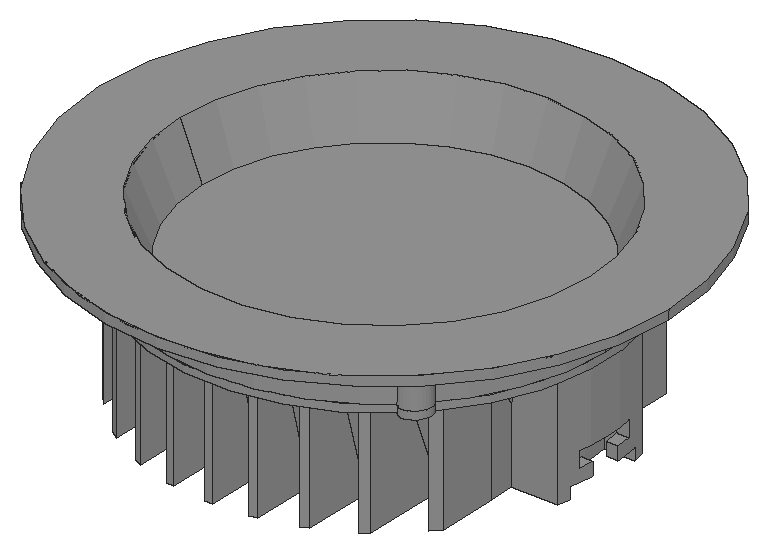
Revit family "Iiris 13W", category Lighting Fixtures, host Face, Revit 2019
Family settings
  Host = Face
  Round Connector Dimension = Use Diameter
  Part Type = Normal
  OmniClass Number = 23.80.70.11.11
  OmniClass Title = General Luminaries, Non Directional
  Cut with Voids When Loaded = No
  Light Source = Yes
  Shared = No
  Room Calculation Point = No
Parameters (values of type "Iiris 13W, Warm White, White, Dali, 230V - 34AV996L013XDA")
  Wattage Comments = "13W"
  Wattage = 13 W
  built-in parameter 1150110 = 1 (stored number, unit not read)
  Voltage = 230 V
  URL = "www.winled.fi"
  Type Image = Iiris 13W.png
  built-in parameter 1114217 = 1 (stored number, unit not read)
  Tilt Angle = -90.00°
  built-in parameter 1150109 = 1 (stored number, unit not read)
  built-in parameter 1150134 = (empty or 0)
  built-in parameter 1150113 = 1 (stored number, unit not read)
  Product Number = "34AV996L013X10DA"
  Position Number = ""
  Photometric Web File = "Iiris 13W LV.ies"
  Operating Temperature Range = "-20° to +40°C"
  Model = "Iiris 13W"
  Manufacturer = "Winled Oy Ltd"
  built-in parameter 1150105 = 405.69 (stored number, unit not read)
  Lumens = 888.03 lm
  built-in parameter 1150115 = 1 (stored number, unit not read)
  Lumens Output = "888lm"
  built-in parameter 1150137 = (empty or 0)
  built-in parameter 1150139 = (empty or 0)
  Lifetime L70 = "40000h"
  Last Updated = "25.2.2016"
  built-in parameter 1150112 = 1 (stored number, unit not read)
  built-in parameter 1150114 = 1 (stored number, unit not read)
  Lamp = "LED"
  built-in parameter 1150132 = (empty or 0)
  built-in parameter 1150102 = (empty or 0)
  built-in parameter 1150107 = 3000 (stored number, unit not read)
  built-in parameter 1150138 = (empty or 0)
  built-in parameter 1150106 = 4.0569 (stored number, unit not read)
  IP Code = "IP44"
  Housing Material = "Aluminium"
  built-in parameter 1150104 = 6.3462 (stored number, unit not read)
  Driver = "Separate"
  Directivity = "No"
  Dimming Lamp Color Temperature Shift = <None>
  Dimmable = "Yes"
  Dimensions = "145mm x 45mm"
  Description = "Downlight"
  Depth = "60mm"
  Default Elevation = 1219.2 mm
  Cutout = "130mm"
  Color Temperature = "3000K"
  Color Filter = 16777215
  Color = White Metal
  Casing Color = "White"
  CRI = "85"
  Beam Angle = "90°"
  built-in parameter 1114218 = 1 (stored number, unit not read)
  built-in parameter 1150133 = 10 (stored number, unit not read)
Types (25, lengths in mm): name | Voltage | built-in parameter 1150134 | Product Number | Photometric Web File | built-in parameter 1150105 | Lumens | Lumens Output | built-in parameter 1150107 | built-in parameter 1150106 | built-in parameter 1150104 | Color Temperature | Color | Casing Color
  (no name) | 230 V | (empty or 0) | "34AV996L013X10DA" | "Iiris 13W LV.ies" | 405.69 (stored number, unit not read) | 888.03 lm | "888lm" | 3000 (stored number, unit not read) | 4.0569 (stored number, unit not read) | 6.3462 (stored number, unit not read) | "3000K" | White Metal | "White"
  Iiris 13W, Neutral White, Brushed Aluminium, 110V - 34XAV998N013X | 110 V | 12 | "34XAV998N013X" | "Iiris 13W NV.ies" | 73.212 (stored number, unit not read) | 920.01 lm | "920lm" | 4000 (stored number, unit not read) | 0.73212 (stored number, unit not read) | 6.5747 (stored number, unit not read) | "4000K" | Brushed Aluminium | "Brushed Aluminium"
  Iiris 13W, Neutral White, Brushed Aluminium, Dali, 110V - 34XAV998N013XDA | 110 V | 12 | "34XAV998N013XDA" | "Iiris 13W NV.ies" | 73.212 (stored number, unit not read) | 920.01 lm | "920lm" | 4000 (stored number, unit not read) | 0.73212 (stored number, unit not read) | 6.5747 (stored number, unit not read) | "4000K" | Brushed Aluminium | "Brushed Aluminium"
  Iiris 13W, Neutral White, Brushed Aluminium, 0-10V, 110V - 34XAV998N013X10 | 110 V | 12 | "34XAV998N013X10" | "Iiris 13W NV.ies" | 73.212 (stored number, unit not read) | 920.01 lm | "920lm" | 4000 (stored number, unit not read) | 0.73212 (stored number, unit not read) | 6.5747 (stored number, unit not read) | "4000K" | Brushed Aluminium | "Brushed Aluminium"
  Iiris 13W, Neutral White, White, 110V - 34XAV996N013X | 110 V | 12 | "34XAV996N013X" | "Iiris 13W NV.ies" | 73.212 (stored number, unit not read) | 920.01 lm | "920lm" | 4000 (stored number, unit not read) | 0.73212 (stored number, unit not read) | 6.5747 (stored number, unit not read) | "4000K" | White Metal | "White"
  Iiris 13W, Neutral White, White, Dali, 110V - 34XAV996N013XDA | 110 V | 12 | "34XAV996N013XDA" | "Iiris 13W NV.ies" | 73.212 (stored number, unit not read) | 920.01 lm | "920lm" | 4000 (stored number, unit not read) | 0.73212 (stored number, unit not read) | 6.5747 (stored number, unit not read) | "4000K" | White Metal | "White"
  Iiris 13W, Neutral White, White, 0-10V, 110V - 34XAV996N013X10 | 110 V | 12 | "34XAV996N013X10" | "Iiris 13W NV.ies" | 73.212 (stored number, unit not read) | 920.01 lm | "920lm" | 4000 (stored number, unit not read) | 0.73212 (stored number, unit not read) | 6.5747 (stored number, unit not read) | "4000K" | White Metal | "White"
  Iiris 13W, Warm White, White, 110V - 34XAV996L013X | 110 V | (empty or 0) | "34XAV996L013X" | "Iiris 13W LV.ies" | 405.69 (stored number, unit not read) | 888.03 lm | "888lm" | 3000 (stored number, unit not read) | 4.0569 (stored number, unit not read) | 6.3462 (stored number, unit not read) | "3000K" | White Metal | "White"
  Iiris 13W, Warm White, White, Dali, 110V - 34XAV996L013XDA | 110 V | (empty or 0) | "34XAV996L013X10DA" | "Iiris 13W LV.ies" | 405.69 (stored number, unit not read) | 888.03 lm | "888lm" | 3000 (stored number, unit not read) | 4.0569 (stored number, unit not read) | 6.3462 (stored number, unit not read) | "3000K" | White Metal | "White"
  Iiris 13W, Warm White, White, 0-10V, 110V - 34XAV996L013X10 | 110 V | (empty or 0) | "34XAV996L013X10" | "Iiris 13W LV.ies" | 405.69 (stored number, unit not read) | 888.03 lm | "888lm" | 3000 (stored number, unit not read) | 4.0569 (stored number, unit not read) | 6.3462 (stored number, unit not read) | "3000K" | White Metal | "White"
  Iiris 13W, Warm White, Brushed Aluminium, 110V - 34XAV998L013X | 110 V | (empty or 0) | "34XAV998L013X" | "Iiris 13W LV.ies" | 405.69 (stored number, unit not read) | 888.03 lm | "888lm" | 3000 (stored number, unit not read) | 4.0569 (stored number, unit not read) | 6.3462 (stored number, unit not read) | "3000K" | Brushed Aluminium | "White"
  Iiris 13W, Warm White, Brushed Aluminium, Dali, 110V - 34XAV998L013XDA | 110 V | (empty or 0) | "34XAV998L013XDA" | "Iiris 13W LV.ies" | 405.69 (stored number, unit not read) | 888.03 lm | "888lm" | 3000 (stored number, unit not read) | 4.0569 (stored number, unit not read) | 6.3462 (stored number, unit not read) | "3000K" | Brushed Aluminium | "White"
  Iiris 13W, Warm White, Brushed Aluminium, 0-10V, 110V - 34XAV998L013X10 | 110 V | (empty or 0) | "34XAV998L013X10" | "Iiris 13W LV.ies" | 405.69 (stored number, unit not read) | 888.03 lm | "888lm" | 3000 (stored number, unit not read) | 4.0569 (stored number, unit not read) | 6.3462 (stored number, unit not read) | "3000K" | Brushed Aluminium | "White"
  Iiris 13W, Neutral White, Brushed Aluminium, 0-10V, 230V - 34AV998N013X10 | 230 V | 12 | "34AV998N013X10" | "Iiris 13W NV.ies" | 73.212 (stored number, unit not read) | 920.01 lm | "920lm" | 4000 (stored number, unit not read) | 0.73212 (stored number, unit not read) | 6.5747 (stored number, unit not read) | "4000K" | Brushed Aluminium | "Brushed Aluminium"
  Iiris 13W, Neutral White, Brushed Aluminium, 230V - 34AV998N013X | 230 V | 12 | "34AV998N013X" | "Iiris 13W NV.ies" | 73.212 (stored number, unit not read) | 920.01 lm | "920lm" | 4000 (stored number, unit not read) | 0.73212 (stored number, unit not read) | 6.5747 (stored number, unit not read) | "4000K" | Brushed Aluminium | "Brushed Aluminium"
  Iiris 13W, Neutral White, Brushed Aluminium, Dali, 230V - 34AV998N013XDA | 230 V | 12 | "34AV998N013XDA" | "Iiris 13W NV.ies" | 73.212 (stored number, unit not read) | 920.01 lm | "920lm" | 4000 (stored number, unit not read) | 0.73212 (stored number, unit not read) | 6.5747 (stored number, unit not read) | "4000K" | Brushed Aluminium | "Brushed Aluminium"
  Iiris 13W, Neutral White, White, 0-10V, 230V - 34AV996N013X10 | 230 V | 12 | "34AV996N013X10" | "Iiris 13W NV.ies" | 73.212 (stored number, unit not read) | 920.01 lm | "920lm" | 4000 (stored number, unit not read) | 0.73212 (stored number, unit not read) | 6.5747 (stored number, unit not read) | "4000K" | White Metal | "White"
  Iiris 13W, Neutral White, White, 230V - 34AV996N013X | 230 V | 12 | "34AV996N013X" | "Iiris 13W NV.ies" | 73.212 (stored number, unit not read) | 920.01 lm | "920lm" | 4000 (stored number, unit not read) | 0.73212 (stored number, unit not read) | 6.5747 (stored number, unit not read) | "4000K" | White Metal | "White"
  Iiris 13W, Neutral White, White, Dali, 230V - 34AV996N013XDA | 230 V | 12 | "34AV996N013XDA" | "Iiris 13W NV.ies" | 73.212 (stored number, unit not read) | 920.01 lm | "920lm" | 4000 (stored number, unit not read) | 0.73212 (stored number, unit not read) | 6.5747 (stored number, unit not read) | "4000K" | White Metal | "White"
  Iiris 13W, Warm White, Brushed Aluminium, 0-10V, 230V - 34AV998L013X10 | 230 V | (empty or 0) | "34AV998L013X10" | "Iiris 13W LV.ies" | 405.69 (stored number, unit not read) | 888.03 lm | "888lm" | 3000 (stored number, unit not read) | 4.0569 (stored number, unit not read) | 6.3462 (stored number, unit not read) | "3000K" | Brushed Aluminium | "White"
  Iiris 13W, Warm White, Brushed Aluminium, 230V - 34AV998L013X | 230 V | (empty or 0) | "34AV998L013X" | "Iiris 13W LV.ies" | 405.69 (stored number, unit not read) | 888.03 lm | "888lm" | 3000 (stored number, unit not read) | 4.0569 (stored number, unit not read) | 6.3462 (stored number, unit not read) | "3000K" | Brushed Aluminium | "White"
  Iiris 13W, Warm White, Brushed Aluminium, Dali, 230V - 34AV998L013XDA | 230 V | (empty or 0) | "34AV998L013XDA" | "Iiris 13W LV.ies" | 405.69 (stored number, unit not read) | 888.03 lm | "888lm" | 3000 (stored number, unit not read) | 4.0569 (stored number, unit not read) | 6.3462 (stored number, unit not read) | "3000K" | Brushed Aluminium | "White"
  Iiris 13W, Warm White, White, 0-10V, 230V - 34AV996L013X10 | 230 V | (empty or 0) | "34AV996L013X10" | "Iiris 13W LV.ies" | 405.69 (stored number, unit not read) | 888.03 lm | "888lm" | 3000 (stored number, unit not read) | 4.0569 (stored number, unit not read) | 6.3462 (stored number, unit not read) | "3000K" | White Metal | "White"
  Iiris 13W, Warm White, White, 230V - 34AV996L013X | 230 V | (empty or 0) | "34AV996L013X" | "Iiris 13W LV.ies" | 405.69 (stored number, unit not read) | 888.03 lm | "888lm" | 3000 (stored number, unit not read) | 4.0569 (stored number, unit not read) | 6.3462 (stored number, unit not read) | "3000K" | White Metal | "White"
  Iiris 13W, Warm White, White, Dali, 230V - 34AV996L013XDA | 230 V | (empty or 0) | "34AV996L013X10DA" | "Iiris 13W LV.ies" | 405.69 (stored number, unit not read) | 888.03 lm | "888lm" | 3000 (stored number, unit not read) | 4.0569 (stored number, unit not read) | 6.3462 (stored number, unit not read) | "3000K" | White Metal | "White"
Reference planes
  plane 1 "Center (Front/Back)": y = 0
  plane 2: z = 0
  plane 3 "Center (Left/Right)": x = 0
Forms (mm)
  Extrusion 1, void
    sketch origin (0, 0, 0) x (1, 0, 0) y (0, 1, 0)
      loop
        circle (0, 0) r 65
    from 0 to -60
Lines and regions (mm)
  symbolic lines
    curve 1: circle (0, 0, 0) r 72.5 normal (0, 0, 1)
    curve 2: line (-51.265, -51.265, 0) -> (51.265, 51.265, 0)
    curve 3: line (-51.265, 51.265, 0) -> (51.265, -51.265, 0)
Dimensions and locks
  aligned and locked: plane 2 to host face
  aligned and locked: level to host face
Nested families
  nested 1: "Iiris 13W malli" at (0, 0, 0), Color <- "Color", type "Iiris 13W malli"
    with Color White Metal
Connectors
  electrical at (0, 0, -42.6), driven by "Voltage"
    settings: on nested 1, index 1, voltage 230 V, apparent load 0 VA, apparent load phase1 13 VA, apparent load phase2 0 VA, apparent load phase3 0 VA, power factor 1, load classification "Lighting", number of poles 1, system type 31, power factor state 1, is connector primary yes, connector utility no, sub classification motor no, connector description ""
Definition of nested family "Iiris 13W malli"
  Parameters (values of type "Iiris 13W malli")
    Color [instance] = none
  Reference planes
    plane 1 "Center (Front/Back)": y = 0
    plane 2: z = 0
    plane 3 "Center (Left/Right)": x = 0
  Forms (mm)
    Extrusion 1, solid, material <- "Color"
      sketch origin (0, 0, 0) x (1, 0, 0) y (0, 1, 0)
        loop
          circle (0, 0) r 72.5
      from 0 to 2.4
    Extrusion 2, solid, material <- "Color"
      sketch origin (0, 0, 0) x (1, 0, 0) y (0, 1, 0)
        loop
          circle (0, 0) r 56.5
      from 0 to -13
    Extrusion 3, void
      sketch origin (0, 0, 0) x (1, 0, 0) y (0, 1, 0)
        loop
          circle (0, 0) r 50
      from -11 to -13
    Extrusion 4, solid
      sketch origin (0, 0, 0) x (1, 0, 0) y (0, 1, 0)
        loop
          circle (0, 0) r 50
      from -11 to -13
    Blend 5, void
      base sketch origin (0, 0, 0) x (1, 0, 0) y (0, 1, 0)
        loop
          circle (0, 0) r 46.5
      top sketch origin (0, 0, 0) x (1, 0, 0) y (0, 1, 0)
        loop
          circle (0, 0) r 52
      from -11 to 2.4
    Blend 6, solid, material <- "Color"
      base sketch origin (0, 0, 0) x (1, 0, 0) y (0, 1, 0)
        loop
          circle (0, 0) r 41.25
      top sketch origin (0, 0, 0) x (1, 0, 0) y (0, 1, 0)
        loop
          circle (0, 0) r 47.7
      from -39.2 to -13
    Extrusion 7, solid, material <- "Color"
      sketch origin (0, 0, 0) x (1, 0, 0) y (0, 1, 0)
        loop
          spline (-37.174, 42.548) -> (-37.838, 43.029) -> (-38.64, 43.294) -> (-39.525, 43.325) -> (-40.433, 43.12) -> (-41.302, 42.693) -> (-42.073, 42.073) -> (-42.693, 41.302) -> (-43.12, 40.433) -> (-43.325, 39.525) -> (-43.294, 38.64) -> (-43.029, 37.838) -> (-42.548, 37.174)
          arc (-42.548, 37.174) -> (-56.5, 0) -> (-42.548, -37.174) r 56.5
          spline (-42.548, -37.174) -> (-43.029, -37.838) -> (-43.294, -38.64) -> (-43.325, -39.525) -> (-43.12, -40.433) -> (-42.693, -41.302) -> (-42.073, -42.073) -> (-41.302, -42.693) -> (-40.433, -43.12) -> (-39.525, -43.325) -> (-38.64, -43.294) -> (-37.838, -43.029) -> (-37.174, -42.548)
          arc (-37.174, -42.548) -> (0, -56.5) -> (37.174, -42.548) r 56.5
          spline (37.174, -42.548) -> (37.838, -43.029) -> (38.64, -43.294) -> (39.525, -43.325) -> (40.433, -43.12) -> (41.302, -42.693) -> (42.073, -42.073) -> (42.693, -41.302) -> (43.12, -40.433) -> (43.325, -39.525) -> (43.294, -38.64) -> (43.029, -37.838) -> (42.548, -37.174)
          arc (42.548, -37.174) -> (56.5, 0) -> (42.548, 37.174) r 56.5
          spline (42.548, 37.174) -> (43.029, 37.838) -> (43.294, 38.64) -> (43.325, 39.525) -> (43.12, 40.433) -> (42.693, 41.302) -> (42.073, 42.073) -> (41.302, 42.693) -> (40.433, 43.12) -> (39.525, 43.325) -> (38.64, 43.294) -> (37.838, 43.029) -> (37.174, 42.548)
          arc (37.174, 42.548) -> (0, 56.5) -> (-37.174, 42.548) r 56.5
      from -15 to -13
    Blend 8, void
      base sketch origin (0, 0, 0) x (1, 0, 0) y (0, 1, 0)
        loop
          circle (0, 0) r 41
      top sketch origin (0, 0, 0) x (1, 0, 0) y (0, 1, 0)
        loop
          circle (0, 0) r 47
      from -34 to -13
    Extrusion 9, solid, material <- "Color"
      sketch origin (0, 0, 0) x (0.707107, -0.707107, 0) y (0.707107, 0.707107, 0)
        loop
          spline (3.8, 56.372) -> (3.671, 57.182) -> (3.291, 57.936) -> (2.687, 58.584) -> (1.9, 59.081) -> (0.984, 59.393) -> (0, 59.5) -> (-0.984, 59.393) -> (-1.9, 59.081) -> (-2.687, 58.584) -> (-3.291, 57.936) -> (-3.671, 57.182) -> (-3.8, 56.372)
          arc (-3.8, 56.372) -> (0, 56.5) -> (3.8, 56.372) r 56.5
      from 0 to -13
    Extrusion 10, solid, material <- "Color"
      sketch origin (0, 0, 0) x (0.707107, 0.707107, 0) y (-0.707107, 0.707107, 0)
        loop
          spline (3.8, 56.372) -> (3.671, 57.182) -> (3.291, 57.936) -> (2.687, 58.584) -> (1.9, 59.081) -> (0.984, 59.393) -> (0, 59.5) -> (-0.984, 59.393) -> (-1.9, 59.081) -> (-2.687, 58.584) -> (-3.291, 57.936) -> (-3.671, 57.182) -> (-3.8, 56.372)
          arc (-3.8, 56.372) -> (0, 56.5) -> (3.8, 56.372) r 56.5
      from 0 to -13
    Extrusion 11, solid, material <- "Color"
      sketch origin (0, 0, 0) x (-0.707107, 0.707107, 0) y (-0.707107, -0.707107, 0)
        loop
          spline (3.8, 56.372) -> (3.671, 57.182) -> (3.291, 57.936) -> (2.687, 58.584) -> (1.9, 59.081) -> (0.984, 59.393) -> (0, 59.5) -> (-0.984, 59.393) -> (-1.9, 59.081) -> (-2.687, 58.584) -> (-3.291, 57.936) -> (-3.671, 57.182) -> (-3.8, 56.372)
          arc (-3.8, 56.372) -> (0, 56.5) -> (3.8, 56.372) r 56.5
      from 0 to -13
    Extrusion 12, solid, material <- "Color"
      sketch origin (0, 0, 0) x (-0.707107, -0.707107, 0) y (0.707107, -0.707107, 0)
        loop
          spline (3.8, 56.372) -> (3.671, 57.182) -> (3.291, 57.936) -> (2.687, 58.584) -> (1.9, 59.081) -> (0.984, 59.393) -> (0, 59.5) -> (-0.984, 59.393) -> (-1.9, 59.081) -> (-2.687, 58.584) -> (-3.291, 57.936) -> (-3.671, 57.182) -> (-3.8, 56.372)
          arc (-3.8, 56.372) -> (0, 56.5) -> (3.8, 56.372) r 56.5
      from 0 to -13
    Extrusion 13, solid, material <- "Color", detail levels fine
      sketch origin (0, 0, 0) x (1, 0, 0) y (0, 1, 0)
        loop
          circle (0, 0) r 17.4
        loop
          line (-1, 56) -> (-1, 19.875)
          arc (-1, 19.875) -> (-5.439, 19.142) -> (-9.6, 17.431) r 19.9
          line (-9.6, 17.431) -> (-9.6, 55.171)
          arc (-9.6, 55.171) -> (-10.602, 54.987) -> (-11.6, 54.785) r 56
          line (-11.6, 54.785) -> (-11.6, 21.921)
          arc (-11.6, 21.921) -> (-15.967, 20.456) -> (-20.154, 18.537) r 43.4
          arc (-20.154, 18.537) -> (-20.188, 19.218) -> (-20.2, 19.9) r 20.2
          line (-20.2, 19.9) -> (-20.2, 52.23)
          arc (-20.2, 52.23) -> (-21.204, 51.83) -> (-22.2, 51.412) r 56
          line (-22.2, 51.412) -> (-22.2, 19.9)
          arc (-22.2, 19.9) -> (-22.167, 18.684) -> (-22.067, 17.471) r 22.2
          arc (-22.067, 17.471) -> (-26.042, 14.819) -> (-29.701, 11.745) r 43.4
          arc (-29.701, 11.745) -> (-30.524, 15.786) -> (-30.8, 19.9) r 30.8
          line (-30.8, 19.9) -> (-30.8, 46.769)
          arc (-30.8, 46.769) -> (-31.807, 46.09) -> (-32.8, 45.389) r 56
          line (-32.8, 45.389) -> (-32.8, 19.9)
          arc (-32.8, 19.9) -> (-32.427, 14.968) -> (-31.317, 10.147) r 32.8
          arc (-31.317, 10.147) -> (-34.588, 6.316) -> (-37.393, 2.131) r 43.4
          arc (-37.393, 2.131) -> (-40.386, 10.792) -> (-41.4, 19.9) r 41.4
          line (-41.4, 19.9) -> (-41.4, 37.71)
          arc (-41.4, 37.71) -> (-42.416, 36.564) -> (-43.4, 35.39) r 56
          line (-43.4, 35.39) -> (-43.4, 19.9)
          arc (-43.4, 19.9) -> (-43.274, 16.59) -> (-42.895, 13.3) r 43.4
          line (-42.895, 13.3) -> (-54.912, 13.3)
          arc (-54.912, 13.3) -> (-56.5, 0) -> (-54.912, -13.3) r 56.5
          line (-54.912, -13.3) -> (-42.895, -13.3)
          arc (-42.895, -13.3) -> (-43.274, -16.59) -> (-43.4, -19.9) r 43.4
          line (-43.4, -19.9) -> (-43.4, -35.39)
          arc (-43.4, -35.39) -> (-42.416, -36.564) -> (-41.4, -37.71) r 56
          line (-41.4, -37.71) -> (-41.4, -19.9)
          arc (-41.4, -19.9) -> (-40.386, -10.792) -> (-37.393, -2.131) r 41.4
          arc (-37.393, -2.131) -> (-34.588, -6.316) -> (-31.317, -10.147) r 43.4
          arc (-31.317, -10.147) -> (-32.427, -14.968) -> (-32.8, -19.9) r 32.8
          line (-32.8, -19.9) -> (-32.8, -45.389)
          arc (-32.8, -45.389) -> (-31.807, -46.09) -> (-30.8, -46.769) r 56
          line (-30.8, -46.769) -> (-30.8, -19.9)
          arc (-30.8, -19.9) -> (-30.524, -15.786) -> (-29.701, -11.745) r 30.8
          arc (-29.701, -11.745) -> (-26.042, -14.819) -> (-22.067, -17.471) r 43.4
          arc (-22.067, -17.471) -> (-22.167, -18.684) -> (-22.2, -19.9) r 22.2
          line (-22.2, -19.9) -> (-22.2, -51.412)
          arc (-22.2, -51.412) -> (-21.204, -51.83) -> (-20.2, -52.23) r 56
          line (-20.2, -52.23) -> (-20.2, -19.9)
          arc (-20.2, -19.9) -> (-20.188, -19.218) -> (-20.154, -18.537) r 20.2
          arc (-20.154, -18.537) -> (-15.967, -20.456) -> (-11.6, -21.921) r 43.4
          line (-11.6, -21.921) -> (-11.6, -54.785)
          arc (-11.6, -54.785) -> (-10.602, -54.987) -> (-9.6, -55.171) r 56
          line (-9.6, -55.171) -> (-9.6, -17.431)
          arc (-9.6, -17.431) -> (-5.439, -19.142) -> (-1, -19.875) r 19.9
          line (-1, -19.875) -> (-1, -56) -> (1, -56) -> (1, -19.875)
          arc (1, -19.875) -> (5.439, -19.142) -> (9.6, -17.431) r 19.9
          line (9.6, -17.431) -> (9.6, -55.171)
          arc (9.6, -55.171) -> (10.602, -54.987) -> (11.6, -54.785) r 56
          line (11.6, -54.785) -> (11.6, -21.921)
          arc (11.6, -21.921) -> (15.967, -20.456) -> (20.154, -18.537) r 43.4
          arc (20.154, -18.537) -> (20.188, -19.218) -> (20.2, -19.9) r 20.2
          line (20.2, -19.9) -> (20.2, -52.23)
          arc (20.2, -52.23) -> (21.204, -51.83) -> (22.2, -51.412) r 56
          line (22.2, -51.412) -> (22.2, -19.9)
          arc (22.2, -19.9) -> (22.167, -18.684) -> (22.067, -17.471) r 22.2
          arc (22.067, -17.471) -> (26.042, -14.819) -> (29.701, -11.745) r 43.4
          arc (29.701, -11.745) -> (30.524, -15.786) -> (30.8, -19.9) r 30.8
          line (30.8, -19.9) -> (30.8, -46.769)
          arc (30.8, -46.769) -> (31.807, -46.09) -> (32.8, -45.389) r 56
          line (32.8, -45.389) -> (32.8, -19.9)
          arc (32.8, -19.9) -> (32.427, -14.968) -> (31.317, -10.147) r 32.8
          arc (31.317, -10.147) -> (34.588, -6.316) -> (37.393, -2.131) r 43.4
          arc (37.393, -2.131) -> (40.386, -10.792) -> (41.4, -19.9) r 41.4
          line (41.4, -19.9) -> (41.4, -37.71)
          arc (41.4, -37.71) -> (42.416, -36.564) -> (43.4, -35.39) r 56
          line (43.4, -35.39) -> (43.4, -19.9)
          arc (43.4, -19.9) -> (43.274, -16.59) -> (42.895, -13.3) r 43.4
          line (42.895, -13.3) -> (54.912, -13.3)
          arc (54.912, -13.3) -> (56.5, 0) -> (54.912, 13.3) r 56.5
          line (54.912, 13.3) -> (42.895, 13.3)
          arc (42.895, 13.3) -> (43.274, 16.59) -> (43.4, 19.9) r 43.4
          line (43.4, 19.9) -> (43.4, 35.39)
          arc (43.4, 35.39) -> (42.416, 36.564) -> (41.4, 37.71) r 56
          line (41.4, 37.71) -> (41.4, 19.9)
          arc (41.4, 19.9) -> (40.386, 10.792) -> (37.393, 2.131) r 41.4
          arc (37.393, 2.131) -> (34.588, 6.316) -> (31.317, 10.147) r 43.4
          arc (31.317, 10.147) -> (32.427, 14.968) -> (32.8, 19.9) r 32.8
          line (32.8, 19.9) -> (32.8, 45.389)
          arc (32.8, 45.389) -> (31.807, 46.09) -> (30.8, 46.769) r 56
          line (30.8, 46.769) -> (30.8, 19.9)
          arc (30.8, 19.9) -> (30.524, 15.786) -> (29.701, 11.745) r 30.8
          arc (29.701, 11.745) -> (26.042, 14.819) -> (22.067, 17.471) r 43.4
          arc (22.067, 17.471) -> (22.167, 18.684) -> (22.2, 19.9) r 22.2
          line (22.2, 19.9) -> (22.2, 51.412)
          arc (22.2, 51.412) -> (21.204, 51.83) -> (20.2, 52.23) r 56
          line (20.2, 52.23) -> (20.2, 19.9)
          arc (20.2, 19.9) -> (20.188, 19.218) -> (20.154, 18.537) r 20.2
          arc (20.154, 18.537) -> (15.967, 20.456) -> (11.6, 21.921) r 43.4
          line (11.6, 21.921) -> (11.6, 54.785)
          arc (11.6, 54.785) -> (10.602, 54.987) -> (9.6, 55.171) r 56
          line (9.6, 55.171) -> (9.6, 17.431)
          arc (9.6, 17.431) -> (5.439, 19.142) -> (1, 19.875) r 19.9
          line (1, 19.875) -> (1, 56) -> (-1, 56)
        loop
          arc (-19.896, -16.406) -> (-15.841, -18.349) -> (-11.6, -19.842) r 41.4
          line (-11.6, -19.842) -> (-11.6, -16.169)
          arc (-11.6, -16.169) -> (-14.865, -13.231) -> (-17.405, -9.648) r 19.9
          arc (-17.405, -9.648) -> (-18.954, -12.915) -> (-19.896, -16.406) r 20.2
        loop
          arc (-21.727, -15.341) -> (-20.408, -11.162) -> (-18.294, -7.324) r 22.2
          arc (-18.294, -7.324) -> (-21.723, -4.675) -> (-24.772, -1.598) r 32.8
          arc (-24.772, -1.598) -> (-27.199, -5.448) -> (-29.032, -9.615) r 30.8
          arc (-29.032, -9.615) -> (-25.54, -12.683) -> (-21.727, -15.341) r 41.4
        loop
          arc (-23.508, 0) -> (-21.597, -2.059) -> (-19.507, -3.935) r 30.8
          arc (-19.507, -3.935) -> (-19.9, 0) -> (-19.507, 3.935) r 19.9
          arc (-19.507, 3.935) -> (-21.597, 2.059) -> (-23.508, 0) r 30.8
        loop
          arc (-30.572, -8.017) -> (-28.605, -3.85) -> (-26.074, 0) r 32.8
          arc (-26.074, 0) -> (-28.605, 3.85) -> (-30.572, 8.017) r 32.8
          arc (-30.572, 8.017) -> (-33.677, 4.179) -> (-36.304, 0) r 41.4
          arc (-36.304, 0) -> (-33.677, -4.179) -> (-30.572, -8.017) r 41.4
        loop
          arc (-24.772, 1.598) -> (-21.723, 4.675) -> (-18.294, 7.324) r 32.8
          arc (-18.294, 7.324) -> (-20.408, 11.162) -> (-21.727, 15.341) r 22.2
          arc (-21.727, 15.341) -> (-25.54, 12.683) -> (-29.032, 9.615) r 41.4
          arc (-29.032, 9.615) -> (-27.199, 5.448) -> (-24.772, 1.598) r 30.8
        loop
          arc (-19.896, 16.406) -> (-18.954, 12.915) -> (-17.405, 9.648) r 20.2
          arc (-17.405, 9.648) -> (-14.865, 13.231) -> (-11.6, 16.169) r 19.9
          line (-11.6, 16.169) -> (-11.6, 19.842)
          arc (-11.6, 19.842) -> (-15.841, 18.349) -> (-19.896, 16.406) r 41.4
        loop
          arc (19.896, -16.406) -> (18.954, -12.915) -> (17.405, -9.648) r 20.2
          arc (17.405, -9.648) -> (14.865, -13.231) -> (11.6, -16.169) r 19.9
          line (11.6, -16.169) -> (11.6, -19.842)
          arc (11.6, -19.842) -> (15.841, -18.349) -> (19.896, -16.406) r 41.4
        loop
          arc (21.727, -15.341) -> (25.54, -12.683) -> (29.032, -9.615) r 41.4
          arc (29.032, -9.615) -> (27.199, -5.448) -> (24.772, -1.598) r 30.8
          arc (24.772, -1.598) -> (21.723, -4.675) -> (18.294, -7.324) r 32.8
          arc (18.294, -7.324) -> (20.408, -11.162) -> (21.727, -15.341) r 22.2
        loop
          arc (23.508, 0) -> (21.597, 2.059) -> (19.507, 3.935) r 30.8
          arc (19.507, 3.935) -> (19.9, 0) -> (19.507, -3.935) r 19.9
          arc (19.507, -3.935) -> (21.597, -2.059) -> (23.508, 0) r 30.8
        loop
          arc (30.572, -8.017) -> (33.677, -4.179) -> (36.304, 0) r 41.4
          arc (36.304, 0) -> (33.677, 4.179) -> (30.572, 8.017) r 41.4
          arc (30.572, 8.017) -> (28.605, 3.85) -> (26.074, 0) r 32.8
          arc (26.074, 0) -> (28.605, -3.85) -> (30.572, -8.017) r 32.8
        loop
          arc (24.772, 1.598) -> (27.199, 5.448) -> (29.032, 9.615) r 30.8
          arc (29.032, 9.615) -> (25.54, 12.683) -> (21.727, 15.341) r 41.4
          arc (21.727, 15.341) -> (20.408, 11.162) -> (18.294, 7.324) r 22.2
          arc (18.294, 7.324) -> (21.723, 4.675) -> (24.772, 1.598) r 32.8
        loop
          arc (19.896, 16.406) -> (15.841, 18.349) -> (11.6, 19.842) r 41.4
          line (11.6, 19.842) -> (11.6, 16.169)
          arc (11.6, 16.169) -> (14.865, 13.231) -> (17.405, 9.648) r 19.9
          arc (17.405, 9.648) -> (18.954, 12.915) -> (19.896, 16.406) r 20.2
        loop
          arc (-52.553, 10.3) -> (-53.553, 0) -> (-52.553, -10.3) r 53.553
          line (-52.553, -10.3) -> (-47.607, -10.3)
          arc (-47.607, -10.3) -> (-48.709, 0) -> (-47.607, 10.3) r 48.709
          line (-47.607, 10.3) -> (-52.553, 10.3)
        loop
          arc (-46.07, 10.3) -> (-47.208, 0) -> (-46.07, -10.3) r 47.208
          line (-46.07, -10.3) -> (-42.325, -10.3)
          arc (-42.325, -10.3) -> (-40.773, -5.031) -> (-38.569, 0) r 43.4
          arc (-38.569, 0) -> (-40.773, 5.031) -> (-42.325, 10.3) r 43.4
          line (-42.325, 10.3) -> (-46.07, 10.3)
        loop
          line (52.553, 10.3) -> (47.607, 10.3)
          arc (47.607, 10.3) -> (48.709, 0) -> (47.607, -10.3) r 48.709
          line (47.607, -10.3) -> (52.553, -10.3)
          arc (52.553, -10.3) -> (53.553, 0) -> (52.553, 10.3) r 53.553
        loop
          line (46.07, 10.3) -> (42.325, 10.3)
          arc (42.325, 10.3) -> (40.773, 5.031) -> (38.569, 0) r 43.4
          arc (38.569, 0) -> (40.773, -5.031) -> (42.325, -10.3) r 43.4
          line (42.325, -10.3) -> (46.07, -10.3)
          arc (46.07, -10.3) -> (47.208, 0) -> (46.07, 10.3) r 47.208
      from -15 to -42.6
    Extrusion 14, solid, material <- "Color", detail levels medium+fine
      sketch origin (0, 0, 0) x (1, 0, 0) y (0, 1, 0)
        loop
          arc (-4.3, 47.011) -> (-5.301, 46.909) -> (-6.3, 46.785) r 47.208
          line (-6.3, 46.785) -> (-6.3, 40.766)
          arc (-6.3, 40.766) -> (-5.302, 40.908) -> (-4.3, 41.025) r 41.25
          line (-4.3, 41.025) -> (-4.3, 47.011)
        loop
          line (-16.9, 44.079) -> (-16.9, 37.629)
          arc (-16.9, 37.629) -> (-15.905, 38.06) -> (-14.9, 38.465) r 41.25
          line (-14.9, 38.465) -> (-14.9, 44.795)
          arc (-14.9, 44.795) -> (-15.904, 44.448) -> (-16.9, 44.079) r 47.208
        loop
          arc (-25.5, 39.728) -> (-26.509, 39.062) -> (-27.5, 38.371) r 47.208
          line (-27.5, 38.371) -> (-27.5, 30.746)
          arc (-27.5, 30.746) -> (-26.513, 31.601) -> (-25.5, 32.424) r 41.25
          line (-25.5, 32.424) -> (-25.5, 39.728)
        loop
          arc (-36.1, 30.42) -> (-37.122, 29.164) -> (-38.1, 27.874) r 47.208
          line (-38.1, 27.874) -> (-38.1, 15.81)
          arc (-38.1, 15.81) -> (-37.158, 17.912) -> (-36.1, 19.959) r 41.25
          line (-36.1, 19.959) -> (-36.1, 30.42)
        loop
          line (4.3, 47.011) -> (4.3, 41.025)
          arc (4.3, 41.025) -> (5.302, 40.908) -> (6.3, 40.766) r 41.25
          line (6.3, 40.766) -> (6.3, 46.785)
          arc (6.3, 46.785) -> (5.301, 46.909) -> (4.3, 47.011) r 47.208
        loop
          arc (16.9, 44.079) -> (15.904, 44.448) -> (14.9, 44.795) r 47.208
          line (14.9, 44.795) -> (14.9, 38.465)
          arc (14.9, 38.465) -> (15.905, 38.06) -> (16.9, 37.629) r 41.25
          line (16.9, 37.629) -> (16.9, 44.079)
        loop
          line (25.5, 39.728) -> (25.5, 32.424)
          arc (25.5, 32.424) -> (26.513, 31.601) -> (27.5, 30.746) r 41.25
          line (27.5, 30.746) -> (27.5, 38.371)
          arc (27.5, 38.371) -> (26.509, 39.062) -> (25.5, 39.728) r 47.208
        loop
          line (36.1, 30.42) -> (36.1, 19.959)
          arc (36.1, 19.959) -> (37.158, 17.912) -> (38.1, 15.81) r 41.25
          line (38.1, 15.81) -> (38.1, 27.874)
          arc (38.1, 27.874) -> (37.122, 29.164) -> (36.1, 30.42) r 47.208
        loop
          line (-4.3, -47.011) -> (-4.3, -41.025)
          arc (-4.3, -41.025) -> (-5.302, -40.908) -> (-6.3, -40.766) r 41.25
          line (-6.3, -40.766) -> (-6.3, -46.785)
          arc (-6.3, -46.785) -> (-5.301, -46.909) -> (-4.3, -47.011) r 47.208
        loop
          arc (-16.9, -44.079) -> (-15.904, -44.448) -> (-14.9, -44.795) r 47.208
          line (-14.9, -44.795) -> (-14.9, -38.465)
          arc (-14.9, -38.465) -> (-15.905, -38.06) -> (-16.9, -37.629) r 41.25
          line (-16.9, -37.629) -> (-16.9, -44.079)
        loop
          line (-25.5, -39.728) -> (-25.5, -32.424)
          arc (-25.5, -32.424) -> (-26.513, -31.601) -> (-27.5, -30.746) r 41.25
          line (-27.5, -30.746) -> (-27.5, -38.371)
          arc (-27.5, -38.371) -> (-26.509, -39.062) -> (-25.5, -39.728) r 47.208
        loop
          line (-36.1, -30.42) -> (-36.1, -19.959)
          arc (-36.1, -19.959) -> (-37.158, -17.912) -> (-38.1, -15.81) r 41.25
          line (-38.1, -15.81) -> (-38.1, -27.874)
          arc (-38.1, -27.874) -> (-37.122, -29.164) -> (-36.1, -30.42) r 47.208
        loop
          arc (4.3, -47.011) -> (5.301, -46.909) -> (6.3, -46.785) r 47.208
          line (6.3, -46.785) -> (6.3, -40.766)
          arc (6.3, -40.766) -> (5.302, -40.908) -> (4.3, -41.025) r 41.25
          line (4.3, -41.025) -> (4.3, -47.011)
        loop
          line (16.9, -44.079) -> (16.9, -37.629)
          arc (16.9, -37.629) -> (15.905, -38.06) -> (14.9, -38.465) r 41.25
          line (14.9, -38.465) -> (14.9, -44.795)
          arc (14.9, -44.795) -> (15.904, -44.448) -> (16.9, -44.079) r 47.208
        loop
          arc (25.5, -39.728) -> (26.509, -39.062) -> (27.5, -38.371) r 47.208
          line (27.5, -38.371) -> (27.5, -30.746)
          arc (27.5, -30.746) -> (26.513, -31.601) -> (25.5, -32.424) r 41.25
          line (25.5, -32.424) -> (25.5, -39.728)
        loop
          arc (36.1, -30.42) -> (37.122, -29.164) -> (38.1, -27.874) r 47.208
          line (38.1, -27.874) -> (38.1, -15.81)
          arc (38.1, -15.81) -> (37.158, -17.912) -> (36.1, -19.959) r 41.25
          line (36.1, -19.959) -> (36.1, -30.42)
      from -15 to -39.2
    Extrusion 15, void
      sketch origin (0, 0, 0) x (1, 0, 0) y (0, 1, 0)
        loop
          circle (0, 0) r 38.25
      from -39.2 to -37.2
    Extrusion 16, void
      sketch origin (0, 0, 0) x (1, 0, 0) y (0, 1, 0)
        loop
          line (-52.553, -10.3) -> (-52.553, 10.3) -> (-57.553, 10.3) -> (-57.553, -10.3) -> (-52.553, -10.3)
        loop
          line (52.553, -10.3) -> (57.553, -10.3) -> (57.553, 10.3) -> (52.553, 10.3) -> (52.553, -10.3)
      from -39.6 to -42.6
    Extrusion 17, void
      sketch origin (0, 0, 0) x (0, 1, 0) y (0, 0, 1)
        loop
          line (-4, -39.6) -> (4, -39.6) -> (4, -36.2) -> (8, -36.2) -> (8, -32.2) -> (-8, -32.2) -> (-8, -36.2) -> (-4, -36.2) -> (-4, -39.6)
      from -52.394 to -59.005
    Extrusion 18, void
      sketch origin (0, 0, 0) x (0, 1, 0) y (0, 0, 1)
        loop
          line (4, -39.6) -> (4, -36.2) -> (8, -36.2) -> (8, -32.2) -> (-8, -32.2) -> (-8, -36.2) -> (-4, -36.2) -> (-4, -39.6) -> (4, -39.6)
      from 58.211 to 52.568
  Cuts and joins
    Blend 5 cuts Extrusion 1
    Extrusion 3, Blend 5 cuts Extrusion 2
    joined: Extrusion 1, Extrusion 2
    Blend 5, Blend 8 cuts Extrusion 4
    Blend 8, Extrusion 15, Extrusion 17, Extrusion 18 cuts Blend 6
    Blend 8, Extrusion 17, Extrusion 18 cuts Extrusion 7
    joined: Blend 6, Extrusion 7
    Blend 8, Extrusion 16, Extrusion 17, Extrusion 18 cuts Extrusion 13
    Blend 8 cuts Extrusion 14
  Dimensions and locks
    aligned and locked: level to plane 2
